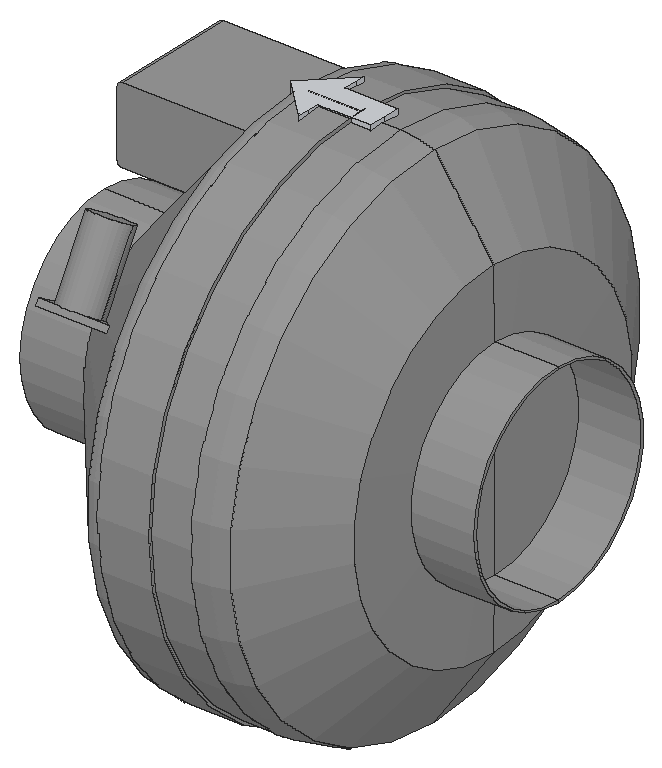
Revit family "Вентилятор круглый пластиковый V", category Оборудование, Revit 2019
Family settings
  Размер круглого соединителя = Использовать диаметр
  Тип детали = Нормальный
  Номер OmniClass = 23.75.00.00
  Заголовок OmniClass = Climate Control (HVAC)
  На основе рабочей плоскости = Нет
  Всегда вертикально = Да
  При загрузке вырезать с полостями = Нет
  Общий = Нет
  Точка расчета площади = Нет
Parameters (values of type "V-100")
  Частота вращения n, об/мин = "2350"
  Тип, марка, обозначение = "V-100"
  Сила тока J, А = "0.23"
  Примечание = "https://progress-nw.ru/ventilyatory/krugli-kanal/ventilyator-kruglyj/"  # constant formula
  Позиция = ""
  Напряжение U,В = "1-220"
  Наименование и тех.хар-ка = "Вентилятор в пластиковом корпусе для круглого канала"  # constant formula
  Мощность двигателя N,Вт = "52"
  Материал = Сталь серая
  Масса единицы = "3.2 кг"
  Код, оборудования = ""
  Завод изготовитель = "Naveka"  # constant formula
  Единица измерения = "шт."  # constant formula
  q = R + 5 mm  # 55 mm
  L = 215 mm
  s = 30 mm
  D1 = 100 mm
  D = 125.5 mm
  r = R - 1 mm  # 49 mm
  R = 50 mm
Types (7, lengths in mm): name | Частота вращения n, об/мин | Тип, марка, обозначение | Сила тока J, А | Мощность двигателя N,Вт | Материал | Масса единицы | q | L | D1 | D | r | R
  (no name) | "2350" | "V-100" | "0.23" | "52" | Сталь серая | "3.2 кг" | 55 | 215 | 100 | 125.5 | 49 | 50
  V-100 | "2350" | "V-100" | "0.23" | "52" | Сталь серая | "3.2 кг" | 55 | 215 | 100 | 125.5 | 49 | 50
  V-125 | "2350" | "V-125" | "0.23" | "52" | Сталь серая | "3.7 кг" | 67.5 | 220 | 125 | 125.5 | 61.5 | 62.5
  V-160 | "2700" | "V-160" | "0.38" | "85" | Сталь серая | "4.1 кг" | 85 | 229 | 160 | 170 | 79 | 80
  V-200 | "2650" | "V-200" | "0.6" | "135" | Сталь серая | "4.8 кг" | 105 | 250 | 200 | 169.5 | 99 | 100
  V-250 | "2500" | "V-250" | "0.93" | "210" | Пластмасса, непрозрачная, белая | "5.1 кг" | 130 | 250 | 250 | 169.5 | 124 | 125
  V-315B | "2700" | "V-315B" | "1.0" | "225" | Сталь серая | "6.1 кг" | 162.5 | 284 | 315 | 202.5 | 156.5 | 157.5
Reference planes
  plane 1 "По центру (Вперед/Назад)": y = 0
  plane 2: z = 0
  plane 3 "По центру (Влево/Вправо)": x = 0
  plane 4: x = -77.5
  plane 5: x = 77.5
  plane 6: z = 125.5
  plane 7: z = -125.5
  plane 8: z = 50
  plane 9: z = 49
  plane 10: x = -107.5
  plane 11: x = 107.5
  plane 12: y = -30
  plane 13: y = 30
  plane 14: z = 119.5
  plane 15: z = 83.5
  plane 16: through (-571.314, 522.058, 1084.23) normal (0, 0.866, -0.5)
  plane 17: through (-571.314, 552.369, 1066.73) normal (0, 0.866, -0.5)
  plane 18: z = 3
  plane 19: through (0, 75.25, 130.337) normal (0, -0.866, 0.5)
  plane 20: through (0, 34.641, -20) normal (0, 0.5, 0.866)
  plane 21: through (0, 54.641, 14.641) normal (0, 0.5, 0.866)
  plane 22: x = -64.5
Forms (mm)
  Revolve 1, solid, material "Пластмасса, непрозрачная, белая", detail levels fine
    sketch origin (0, 0, 0) x (1, 0, 0) y (0, 0, 1)
      loop
        line (-107.5, 49) -> (-77.5, 49) -> (-77.5, 0) -> (77.5, 0) -> (77.5, 49) -> (107.5, 49) -> (107.5, 50) -> (77.5, 50) -> (76.705, 82.332) -> (48.729, 121.398)
        arc (48.729, 121.398) -> (40.759, 123.362) -> (32.579, 124.022) r 51.022
        line (32.579, 124.022) -> (13.779, 124.022) -> (13.779, 125.5) -> (-10.565, 125.5)
        arc (-10.565, 125.5) -> (-13.582, 125.125) -> (-16.415, 124.022) r 12.315
        line (-16.415, 124.022) -> (-77.5, 50) -> (-107.5, 50) -> (-107.5, 49)
      axis (-107.5, 0) -> (107.5, 0)
    angle from 0 to 360
  Extrusion 2, solid, material "Пластмасса, непрозрачная, белая", detail levels fine
    sketch origin (0, 0, 0) x (1, 0, 0) y (0, 0, 1)
      loop
        arc (-75.051, 119.5) -> (-76.783, 118.783) -> (-77.5, 117.051) r 2.449
        line (-77.5, 117.051) -> (-77.5, 85.949)
        arc (-77.5, 85.949) -> (-76.783, 84.217) -> (-75.051, 83.5) r 2.449
        line (-75.051, 83.5) -> (0, 83.5) -> (0, 119.5) -> (-75.051, 119.5)
    from -30 to 30
  Extrusion 3, solid, material "Пластмасса, непрозрачная, белая", detail levels fine
    sketch origin (0, 0, 0) x (1, 0, 0) y (0, 0.866025, -0.5)
      loop
        line (0, -55) -> (-43.742, -55) -> (-77.5, -80) -> (-77.5, -90) -> (0, -90) -> (0, -55)
    from 0 to 3
  Extrusion 4, solid, material "Пластмасса, непрозрачная, белая", detail levels fine
    sketch origin (0, 0, 0) x (1, 0, 0) y (0, 0.866025, -0.5)
      loop
        circle (-64.397, -80.572) r 10
    from 3 to 40
  Extrusion 5, solid, detail levels fine
    sketch origin (2.241, 1.977, 77) x (-1, 0, 0) y (0, -1, 0)
      loop
        line (23.125, 0) -> (3.823, 19.302) -> (3.823, 14.302) -> (3.823, 7.861) -> (-21.177, 7.861) -> (-21.177, 0) -> (-21.177, -7.861) -> (3.823, -7.861) -> (3.823, -14.302) -> (3.823, -19.302) -> (23.125, 0)
    from 0 to 48.5
Lines and regions (mm)
  model lines, detail levels medium
    curve 1: circle (0, 0, 0) r 75 normal (0, -1, 0)
    curve 2: line (-75, 0, 0) -> (46.678, 0, -58.704)
    curve 3: line (47.5, 0, -58.041) -> (47.5, 0, 58.041)
    curve 4: line (46.678, 0, 58.704) -> (-75, 0, 0)
  model lines, not visible, detail levels medium
    curve 5: circle (0, 0, 0) r 75 normal (0, -1, 0)
    curve 6: line (75, 0, 0) -> (-46.678, 0, 58.704)
    curve 7: line (-47.5, 0, 58.041) -> (-47.5, 0, -58.041)
    curve 8: line (-46.678, 0, -58.704) -> (75, 0, 0)
  model lines, detail levels coarse
    curve 9: circle (0, 0, 0) r 95 normal (0, 0, 1)
    curve 10: line (-95, 0, 0) -> (55.84, -76.857, 0)
    curve 11: line (55.84, -76.857, 0) -> (55.84, 76.857, 0)
    curve 12: line (55.84, 76.857, 0) -> (-95, 0, 0)
  model lines, not visible, detail levels coarse
    curve 13: circle (0, 0, 0) r 95 normal (0, 0, 1)
    curve 14: line (95, 0, 0) -> (-55.84, 76.857, 0)
    curve 15: line (-55.84, 76.857, 0) -> (-55.84, -76.857, 0)
    curve 16: line (-55.84, -76.857, 0) -> (95, 0, 0)
Dimensions and locks
  "r": plane 9 to level
  "R": plane 8 to level
  "D": plane 6 to level
  equal spacing: plane 6, level, plane 7
  equal spacing: plane 5, plane 3 "По центру (Влево/Вправо)", plane 4
  "s": plane 11 to plane 5
  "s": plane 4 to plane 10
  "L": plane 11 to plane 10
  equal spacing: plane 13, plane 1 "По центру (Вперед/Назад)", plane 12
  locked: plane 14 to plane 15 at 36
  plane 15 to plane 8 = 33.5 mm
  "q": plane 19 to plane 17
  locked: plane 17 to plane 16 at 35
  locked: plane 22 to plane 4 at 13
  locked: plane 6 to plane 14 at 6
  aligned and locked: level to plane 2
  aligned and locked: Revolve 1 to plane 10
  aligned and locked: Revolve 1 to plane 11
  aligned and locked: plane 13 to Extrusion 2
  aligned and locked: Extrusion 2 to plane 12
  aligned and locked: plane 14 to Extrusion 2
  aligned and locked: plane 3 "По центру (Влево/Вправо)" to Extrusion 2
  aligned and locked: plane 20 to Extrusion 3
  aligned and locked: Extrusion 5 to plane 6
  aligned and locked: plane 21 to Extrusion 4
Automatic sketch dimensions
  Extrusion 2 sketch curve to plane 14 = 0 mm
  plane 15 to Extrusion 2 sketch curve = 2.449 mm
  Extrusion 2 sketch curve to plane 3 "По центру (Влево/Вправо)" = 0 mm
  Extrusion 2 sketch curve to Extrusion 2 sketch curve = 2.449 mm  (x2)
  Extrusion 2 sketch curve to plane 4 = 0 mm  (x2)
  Extrusion 2 sketch curve to Extrusion 2 sketch curve = 0 mm
  Extrusion 3 sketch curve to plane 4 = 0 mm
  Extrusion 3 sketch curve to plane 17 = 0 mm
  Extrusion 3 sketch curve to plane 3 "По центру (Влево/Вправо)" = 0 mm
  Extrusion 3 sketch curve to plane 16 = 0 mm
  plane 4 to Extrusion 3 sketch curve = 33.758 mm
  Extrusion 3 sketch curve to Extrusion 3 sketch curve = 10 mm
  plane 4 to Extrusion 4 sketch curve = 13.103 mm
  plane 16 to Extrusion 4 sketch curve = 9.428 mm
  curve 1 to curve 4 = 75 mm
  curve 1 to curve 2 = 0 mm
  curve 4 to curve 1 = 46.678 mm
  curve 2 to curve 1 = 46.678 mm
  curve 3 to curve 4 = 0.822 mm
  curve 5 to curve 8 = 75 mm
  curve 5 to curve 6 = 0 mm
  curve 8 to curve 5 = 46.678 mm
  curve 6 to curve 5 = 46.678 mm
  curve 7 to curve 8 = 0.822 mm
  Revolve 1 sketch curve to level = 0 mm  (x2)
  Revolve 1 sketch curve to plane 8 = 0 mm  (x2)
  Revolve 1 sketch curve to plane 10 = 0 mm
  Revolve 1 sketch curve to plane 4 = 0 mm  (x2)
  Revolve 1 sketch curve to plane 6 = 0 mm
  Revolve 1 sketch curve to plane 5 = 0 mm  (x2)
  Revolve 1 sketch curve to plane 9 = 0 mm  (x2)
  Revolve 1 sketch curve to plane 11 = 0 mm
  plane 6 to Revolve 1 sketch curve = 1.478 mm  (x2)
  Revolve 1 sketch curve to plane 3 "По центру (Влево/Вправо)" = 16.415 mm
  Revolve 1 sketch curve to Revolve 1 sketch curve = 5.85 mm
  plane 3 "По центру (Влево/Вправо)" to Revolve 1 sketch curve = 13.779 mm
  Revolve 1 sketch curve to Revolve 1 sketch curve = 18.8 mm
  plane 6 to Revolve 1 sketch curve = 4.102 mm
  Revolve 1 sketch curve to Revolve 1 sketch curve = 16.15 mm
  Revolve 1 sketch curve to plane 5 = 0.795 mm
  Revolve 1 sketch curve to plane 15 = 1.168 mm
  Revolve 1 sketch curve to plane 10 = 19.152 mm
  plane 11 to Revolve 1 sketch curve = 38.451 mm
  Extrusion 5 sketch curve to plane 1 "По центру (Вперед/Назад)" = 1.977 mm  (x2)
  plane 3 "По центру (Влево/Вправо)" to Extrusion 5 sketch curve = 23.418 mm
  Extrusion 5 sketch curve to plane 3 "По центру (Влево/Вправо)" = 1.582 mm  (x2)
  Extrusion 5 sketch curve to Extrusion 5 sketch curve = 19.302 mm
  Extrusion 5 sketch curve to Extrusion 5 sketch curve = 7.861 mm
  Extrusion 5 sketch curve to Extrusion 5 sketch curve = 6.441 mm
  Extrusion 5 sketch curve to Extrusion 5 sketch curve = 5 mm  (x2)
  plane 1 "По центру (Вперед/Назад)" to Extrusion 5 sketch curve = 5.883 mm
  radius of Extrusion 4 sketch curve = 10 mm
Connectors
  hvac at (-107.5, 0, 0), driven by "D1"
    settings: on Revolve 1, index 1, duct flow 0.0 L/s, flow factor 0, pres drop 0.0 Pa, loss coef 0, conn angle 0.00°, conn width 304.8 mm, conn height 304.8 mm, conn diameter 100 mm, duct sys type 28, conn prof type 0, flow config 0, flow direction 0, loss method 0, conn ref index 2, conn util no, is conn primary yes, conn desc ""
  hvac at (107.5, 0, 0), driven by "D1"
    settings: on Revolve 1, index 2, duct flow 0.0 L/s, flow factor 0, pres drop 0.0 Pa, loss coef 0, conn angle 0.00°, conn width 304.8 mm, conn height 304.8 mm, conn diameter 100 mm, duct sys type 28, conn prof type 0, flow config 0, flow direction 0, loss method 0, conn ref index 1, conn util no, is conn primary no, conn desc ""
